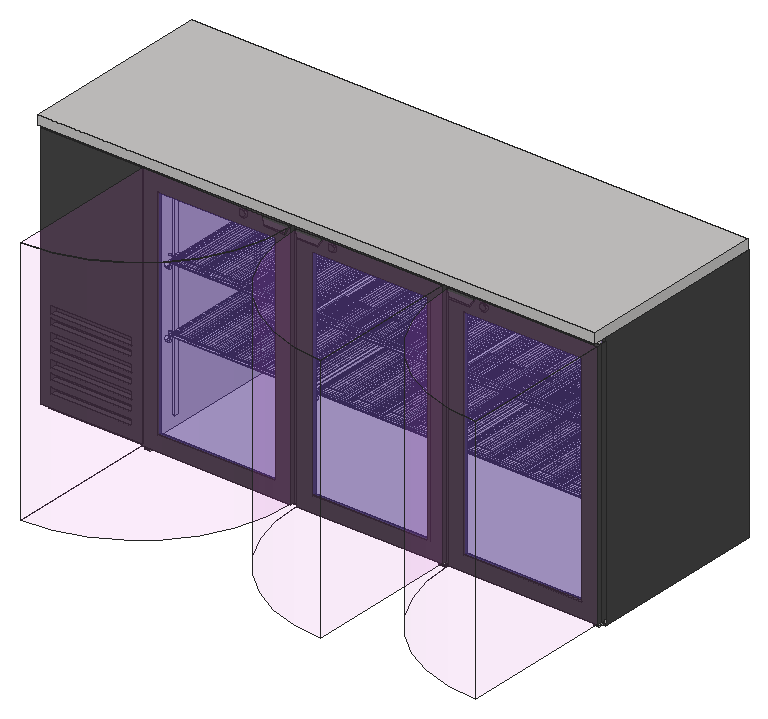
Revit family "QF_True_TBB24-72-3G-Z1-BST-S-1_Glass_Swing_Door_Back_Bar", category Specialty Equipment, Revit 2021
Family settings
  Round Connector Dimension = Use Diameter
  Part Type = Normal
  Work Plane-Based = No
  Always vertical = Yes
  Cut with Voids When Loaded = No
  Shared = No
  Room Calculation Point = No
Parameters
  Weight in Pounds = 415
  Watts = Volts * FL Amps  # 368 W
  Volts = 115 V
  URL Cutsheet = ""
  Specification by User = ""
  Specification by Manufacturer = ""
  Show Seismic Flanged [instance] = yes
  Show Door Clearance [instance] = yes
  Show Default [instance] = if(or([Show 2" Casters], [Show 3" Casters]), or(or([Show 4" Casters], [Show 5" Casters], [Show 6" Legs]), and([Show 2" Casters], [Show 3" Casters]), and([Show 3" Casters], Show Seismic Flanged)), if(or([Show 4" Casters], [Show 5" Casters]), or(or([Show 6" Legs], Show Seismic Flanged), and([Show 4" Casters], [Show 5" Casters])), if([Show 6" Legs], Show Seismic Flanged, not(Show Seismic Flanged))))  # yes
  Show 6" Legs [instance] = yes
  Show 5" Casters [instance] = yes
  Show 4" Casters [instance] = yes
  Show 3" Casters [instance] = yes
  Show 2" Casters [instance] = yes
  Serial Number = ""
  Seismic Rating = ""
  SMACNA No = ""
  Revision Code = ""
  Phase = 1
  Number of Poles = 1
  NAFEM Spec ID Number = ""
  Model = "TBB24-72-3G-Z1-BST-S-1"
  Min Ckt Ampacity = 0 A
  Max Overcurrent Protection = 0 A
  Masterspec = ""
  Manufacturer = "True"
  Length = 72 1/32"
  Item Number = ""
  Installed By = ""
  Identify Quantity as Lot = yes
  Height [instance] = Base Height + Body Height  # 34 3/16"
  HP = "1/4"
  Furnished By = ""
  Foodservice Equipment Identifier = yes
  FL Amps = 3.2 A
  Electrical Remarks = ""
  Electric Connection Type = ""
  Elec Conn RI Height = 0"
  Elec Conn Connection Height = 0"
  Door Finish [instance] = QF_Metallic_Paint_Black_Smooth
  Description = "Glass Swing Door Back Bar 24\" Depth Single Zone Cooler with Stainless Finished Top and Black Exterior"
  Depth = 25 11/32"
  Default Elevation = 0"
  Cycle = 60 Hz
  Counter Top Finish [instance] = QF_Metal_Stainless_Polished
  Conn Plug = "NEMA 5-15P"
  Conn Conduit = yes
  CSI MasterFormat = ""
  Body Height [instance] = 34 3/16"
  Body Finish [instance] = QF_Metallic_Paint_Black_Smooth
  Base Height [instance] = if(Show Default, 0", if([Show 2" Casters], 2", if([Show 3" Casters], 3", if([Show 4" Casters], 4", if([Show 5" Casters], 5", if([Show 6" Legs], 6", if(Show Seismic Flanged, 6", 0")))))))  # 0"
  Apparent Power = 0 VA
Reference planes (in)
  plane 1 "BACK": y = 0
  plane 2: z = 0
  plane 3 "LEFT": x = 0
  plane 4 "RIGHT": x = 72.03125
  plane 5 "FRONT": y = -25.34375
  plane 6 "TOP": z = 34.1875
  plane 7 "Center Y": x = 36.01563
  plane 8 "Center X": y = -12.67188
  plane 9: z = 0
Dimensions and locks (in)
  equal spacing: plane 3 "LEFT", plane 7 "Center Y", plane 4 "RIGHT"
  "Length": plane 3 "LEFT" to plane 4 "RIGHT"
  equal spacing: plane 5 "FRONT", plane 8 "Center X", plane 1 "BACK"
  "Depth": plane 5 "FRONT" to plane 1 "BACK"
  plane 6 "TOP" to level = 34 3/16"
  "Base Height": plane 9 to level
  "Body Height": plane 6 "TOP" to plane 9
  aligned and locked: level to plane 2
  aligned and locked: nested 1 to plane 9
Nested families (in)
  nested 1: "TBB24-72-3G-Z1-BST-B-1" at (0, 0, 0), Show Door Clearance <- "Show Door Clearance", Body Finish <- "Body Finish", Counter Top Finishes <- "Counter Top Finish", Door Finish <- "Door Finish", type "TBB24-72-3G-Z1-BST-B-1"
    with Show Door Clearance yes, Door Finish QF_Metallic_Paint_Black_Smooth, Counter Top Finishes QF_Metal_Stainless_Polished, Body Finish QF_Metallic_Paint_Black_Smooth
  nested 2: "Family3" at (2.5, -20.84523, 0), Show 2" Casters <- "Show 2" Casters", Show 3" Casters <- "Show 3" Casters", Show 4" Casters <- "Show 4" Casters", Show 5" Casters <- "Show 5" Casters", Show 6" Legs <- "Show 6" Legs", Show Seismic Flanged <- "Show Seismic Flanged", type "Family3"
    with Show Seismic Flanged yes, Show 6" Legs yes, Show 5" Casters yes, Show 4" Casters yes, Show 3" Casters yes, Show 2" Casters yes
  nested 3: "Family3" at (69.53125, -20.84523, 0), Show 2" Casters <- "Show 2" Casters", Show 3" Casters <- "Show 3" Casters", Show 4" Casters <- "Show 4" Casters", Show 5" Casters <- "Show 5" Casters", Show 6" Legs <- "Show 6" Legs", Show Seismic Flanged <- "Show Seismic Flanged", type "Family3"
    with Show Seismic Flanged yes, Show 6" Legs yes, Show 5" Casters yes, Show 4" Casters yes, Show 3" Casters yes, Show 2" Casters yes
  nested 4: "Family3" at (2.5, -3.09523, 0), Show 2" Casters <- "Show 2" Casters", Show 3" Casters <- "Show 3" Casters", Show 4" Casters <- "Show 4" Casters", Show 5" Casters <- "Show 5" Casters", Show 6" Legs <- "Show 6" Legs", Show Seismic Flanged <- "Show Seismic Flanged", type "Family3"
    with Show Seismic Flanged yes, Show 6" Legs yes, Show 5" Casters yes, Show 4" Casters yes, Show 3" Casters yes, Show 2" Casters yes
  nested 5: "Family3" at (69.53125, -3.09523, 0), Show 2" Casters <- "Show 2" Casters", Show 3" Casters <- "Show 3" Casters", Show 4" Casters <- "Show 4" Casters", Show 5" Casters <- "Show 5" Casters", Show 6" Legs <- "Show 6" Legs", Show Seismic Flanged <- "Show Seismic Flanged", type "Family3"
    with Show Seismic Flanged yes, Show 6" Legs yes, Show 5" Casters yes, Show 4" Casters yes, Show 3" Casters yes, Show 2" Casters yes
Connectors (in)
  electrical at (5.92159, 0.23047, 18.89834), driven by "Volts", driven by "Watts"
    settings: on nested 1, index 1, voltage 115 V, apparent load 368 VA, apparent load phase1 0 VA, apparent load phase2 0 VA, apparent load phase3 0 VA, power factor 1, load classification "Other", number of poles 1, system type 30, power factor state 1, is connector primary yes, connector utility no, sub classification motor no, connector description "ELECTRICAL CONNECTION"
Definition of nested family "TBB24-72-3G-Z1-BST-B-1"
  Parameters (values of type "TBB24-72-3G-Z1-BST-B-1")
    Weight in Pounds = 0
    URL Cutsheet = ""
    Specification by User = ""
    Specification by Manufacturer = ""
    Show Door Clearance [instance] = yes
    Serial Number = ""
    Seismic Rating = ""
    SMACNA No = ""
    Revision Code = ""
    NAFEM Spec ID Number = ""
    Masterspec = ""
    Length = 72 1/32"
    Item Number = ""
    Installed By = ""
    Identify Quantity as Lot = yes
    Height = 34 23/32"
    Furnished By = ""
    Foodservice Equipment Identifier = yes
    Door Finish [instance] = none
    Depth = 25 11/32"
    Default Elevation = 0"
    Counter Top Finishes [instance] = none
    CSI MasterFormat = ""
    Body Finish [instance] = none
  Reference planes (in)
    plane 1 "BACK": y = 0
    plane 2: z = 0
    plane 3 "LEFT": x = 0
    plane 4 "RIGHT": x = 72.03125
    plane 5 "FRONT": y = -25.34375
    plane 6 "TOP": z = 34.71875
    plane 7 "Center Y": x = 36.01563
    plane 8 "Center X": y = -12.67188
    plane 9: y = -44.09375
    plane 10: y = -24.875
    plane 11: z = 0.28263
    plane 12: x = 13.15625
    plane 13: x = 52.40625
    plane 14: y = -21.84523
    plane 15: y = -21.84523
    plane 16: y = -21.84523
    plane 17: y = -21.84523
    plane 18: y = -21.84523
    plane 19: y = -21.84523
    plane 20: y = -21.84523
    plane 21: y = -21.84523
    plane 22: y = -21.84523
    plane 23: y = -21.84523
    plane 24: y = -21.84523
    plane 25: y = -21.84523
    plane 26: y = -21.84523
    plane 27: y = -21.84523
    plane 28: y = -21.84523
    plane 29: y = -21.84523
    plane 30: y = -21.84523
    plane 31: y = -21.84523
    plane 32: y = -21.84523
    plane 33: y = -21.84523
    plane 34: y = -21.84523
    plane 35: y = -21.84523
    plane 36: y = -21.84523
    plane 37: y = -21.84523
    plane 38: y = -21.84523
    plane 39: y = -21.84523
    plane 40: y = -21.84523
    plane 41: y = -21.84523
    plane 42: y = -21.84523
    plane 43: y = -21.84523
    plane 44: y = -21.84523
    plane 45: y = -21.84523
    plane 46: y = -21.84523
    plane 47: y = -21.84523
    plane 48: y = -21.84523
    plane 49: y = -21.84523
    plane 50: y = -21.84523
    plane 51: y = -21.84523
    plane 52: y = -21.84523
    plane 53: y = -21.84523
    plane 54: y = -21.84523
    plane 55: y = -21.84523
    plane 56: y = -21.84523
    plane 57: y = -21.84523
    plane 58: y = -21.84523
    plane 59: y = -21.84523
    plane 60: y = -21.84523
    plane 61: y = -21.84523
    plane 62: y = -21.84523
    plane 63: y = -21.84523
    plane 64: y = -24.3696
  Forms (in)
    Extrusion 1, solid, material <- "Counter Top Finishes"
      sketch origin (0, 0, 0) x (1, 0, 0) y (0, 0, 1)
        loop
          line (0, 34.71875) -> (0, 33.46875) -> (72.03125, 33.46875) -> (72.03125, 34.71875) -> (0, 34.71875)
      from 0 to 24.875
    Extrusion 2, solid, material <- "Body Finish"
      sketch origin (0, 0, 0) x (0, 1, 0) y (0, 0, 1)
        loop
          line (0, 33.46875) -> (-23.09422, 33.46875) -> (-23.09422, 0) -> (0, 0) -> (0, 33.46875)
      from 0 to 72.03125
    Extrusion 3, solid, material <- "Body Finish"
      sketch origin (0, -23.09422, 33.46875) x (0, 0, -1) y (1, 0, 0)
        loop
          line (0.5625, 0) -> (32.48883, 0) -> (32.48883, 13.15625) -> (0.5625, 13.15625) -> (0.5625, 0)
      from 0 to 1.27538
    Extrusion 4, void
      sketch origin (0, -24.3696, 33.46875) x (0, 0, 1) y (1, 0, 0)
        loop
          line (-20.59422, 1.27626) -> (-20.59422, 11.8296) -> (-21.59422, 11.8296) -> (-21.59422, 1.27626) -> (-20.59422, 1.27626)
        loop
          line (-22.0483, 1.27626) -> (-22.0483, 11.8296) -> (-22.87544, 11.8296) -> (-22.87544, 1.27626) -> (-22.0483, 1.27626)
        loop
          line (-23.71922, 1.27626) -> (-23.71922, 11.8296) -> (-24.71922, 11.8296) -> (-24.71922, 1.27626) -> (-23.71922, 1.27626)
        loop
          line (-25.2983, 1.27626) -> (-25.2983, 11.8296) -> (-26.12544, 11.8296) -> (-26.12544, 1.27626) -> (-25.2983, 1.27626)
        loop
          line (-26.84422, 1.27626) -> (-26.84422, 11.8296) -> (-27.84422, 11.8296) -> (-27.84422, 1.27626) -> (-26.84422, 1.27626)
        loop
          line (-28.4233, 1.27626) -> (-28.4233, 11.8296) -> (-29.25044, 11.8296) -> (-29.25044, 1.27626) -> (-28.4233, 1.27626)
        loop
          line (-30.0483, 1.27626) -> (-30.0483, 11.8296) -> (-30.87544, 11.8296) -> (-30.87544, 1.27626) -> (-30.0483, 1.27626)
      from 0 to 0.83594
    Extrusion 5, solid, material <- "Body Finish"
      sketch origin (0, 0, 0) x (0, 0, 1) y (1, 0, 0)
        loop
          arc (20.62838, 11.27264) -> (20.40871, 11.80298) -> (19.87838, 12.02264) r 0.75
          line (19.87838, 12.02264) -> (1.3125, 12.02264)
          arc (1.3125, 12.02264) -> (0.78217, 11.80298) -> (0.5625, 11.27264) r 0.75
          line (0.5625, 11.27264) -> (0.5625, 0.75)
          arc (0.5625, 0.75) -> (0.78217, 0.21967) -> (1.3125, 0) r 0.75
          line (1.3125, 0) -> (19.87838, 0)
          arc (19.87838, 0) -> (20.40871, 0.21967) -> (20.62838, 0.75) r 0.75
          line (20.62838, 0.75) -> (20.62838, 5.19897) -> (21.06934, 5.19897)
          arc (21.06934, 5.19897) -> (21.81934, 5.94897) -> (21.06934, 6.69897) r 0.75
          line (21.06934, 6.69897) -> (20.62838, 6.69897) -> (20.62838, 11.27264)
      from 0 to 0.03125
    Extrusion 6, solid, material <- "Body Finish"
      sketch origin (0, 0.03125, 0) x (0, 0, 1) y (1, 0, 0)
        loop
          line (21.56934, 5.94897) -> (21.31934, 6.38198) -> (20.81934, 6.38198) -> (20.56934, 5.94897) -> (20.81934, 5.51596) -> (21.31934, 5.51596) -> (21.56934, 5.94897)
      from 0 to 0.19922
    Extrusion 7, solid, material <- "Body Finish"
      sketch origin (0, 0.03125, 0) x (0, 0, 1) y (1, 0, 0)
        loop
          circle (18.89834, 5.92159) r 0.5
      from 0 to 0.19922
    Extrusion 8, solid, material <- "Door Finish"
      sketch origin (0.80334, -23.09422, 33.46875) x (0, 0, -1) y (1, 0, 0)
        loop
          line (0.5625, 12.35291) -> (32.78125, 12.35291) -> (32.78125, 31.97791) -> (0.5625, 31.97791) -> (0.5625, 12.35291)
        loop
          line (31.78125, 13.35291) -> (31.78125, 30.97791) -> (1.5625, 30.97791) -> (1.5625, 13.35291) -> (31.78125, 13.35291)
      from 0 to 0.80663
    Extrusion 9, solid, material <- "Door Finish"
      sketch origin (40.05334, -23.09422, 33.46875) x (0, 0, -1) y (1, 0, 0)
        loop
          line (0.5625, 12.35496) -> (32.78125, 12.35496) -> (32.78125, 31.97791) -> (0.5625, 31.97791) -> (0.5625, 12.35496)
        loop
          line (31.78125, 13.79041) -> (31.78125, 30.97791) -> (1.5625, 30.97791) -> (1.5625, 13.79041) -> (31.78125, 13.79041)
      from 0 to 0.80663
    Extrusion 10, void
      sketch origin (0, -23.09422, 1.53125) x (1, 0, 0) y (0, -1, 0)
        loop
          line (14.13672, -18.75) -> (70.51172, -18.75) -> (70.51172, 0) -> (14.13672, 0) -> (14.13672, -18.75)
      from 0 to -30.84375
    Extrusion 11, solid, material <- "Door Finish"
      sketch origin (0.80334, -23.90085, 33.46875) x (0, 0, -1) y (1, 0, 0)
        loop
          line (0.5625, 12.35291) -> (32.78125, 12.35291) -> (32.78125, 31.60291) -> (0.5625, 31.60291) -> (0.5625, 12.35291)
        loop
          line (2.5625, 29.60291) -> (2.5625, 14.35291) -> (30.78125, 14.35291) -> (30.78125, 29.60291) -> (2.5625, 29.60291)
      from 0 to 0.46875
    Blend 12, solid, material <- "Door Finish"
      base sketch origin (0.80334, -24.3696, 33.46875) x (0, 0, -1) y (1, 0, 0)
        loop
          circle (1.15564, 25.41355) r 0.5
      top sketch origin (0.80334, -24.3696, 33.46875) x (0, 0, -1) y (1, 0, 0)
        loop
          circle (1.15564, 25.41355) r 0.39938
      from 0 to 0.12886
    Blend 13, solid, material <- "Door Finish"
      base sketch origin (83.50916, -24.3696, 33.46875) x (0, 0, -1) y (1, 0, 0)
        loop
          circle (1.15564, -26.16355) r 0.5
      top sketch origin (83.50916, -24.3696, 33.46875) x (0, 0, -1) y (1, 0, 0)
        loop
          circle (1.15564, -26.16355) r 0.39938
      from 0 to 0.12886
    Extrusion 14, solid
      sketch origin (-1.45011, -180, 0.28263) x (-1, 0, 0) y (0, -1, 0)
        loop
          line (-14.60636, -156.90578) -> (-14.60636, -156.03078)
          arc (-14.60636, -156.03078) -> (-14.64297, -155.9424) -> (-14.73136, -155.90578) r 0.125
          line (-14.73136, -155.90578) -> (-15.30008, -155.90578)
          arc (-15.30008, -155.90578) -> (-15.37178, -155.92839) -> (-15.41755, -155.98803) r 0.125
          line (-15.41755, -155.98803) -> (-15.69052, -156.73803)
          arc (-15.69052, -156.73803) -> (-15.67546, -156.85248) -> (-15.57306, -156.90578) r 0.125
          line (-15.57306, -156.90578) -> (-14.60636, -156.90578)
        loop
          line (-53.52038, -156.90578) -> (-52.55368, -156.90578)
          arc (-52.55368, -156.90578) -> (-52.45129, -156.85248) -> (-52.43622, -156.73803) r 0.125
          line (-52.43622, -156.73803) -> (-52.7092, -155.98803)
          arc (-52.7092, -155.98803) -> (-52.75496, -155.92839) -> (-52.82666, -155.90578) r 0.125
          line (-52.82666, -155.90578) -> (-53.39538, -155.90578)
          arc (-53.39538, -155.90578) -> (-53.48377, -155.9424) -> (-53.52038, -156.03078) r 0.125
          line (-53.52038, -156.03078) -> (-53.52038, -156.90578)
        loop
          line (-73.48136, -156.90578) -> (-72.51466, -156.90578)
          arc (-72.51466, -156.90578) -> (-72.41226, -156.85248) -> (-72.3972, -156.73803) r 0.125
          line (-72.3972, -156.73803) -> (-72.67017, -155.98803)
          arc (-72.67017, -155.98803) -> (-72.71594, -155.92839) -> (-72.78764, -155.90578) r 0.125
          line (-72.78764, -155.90578) -> (-73.35636, -155.90578)
          arc (-73.35636, -155.90578) -> (-73.44475, -155.9424) -> (-73.48136, -156.03078) r 0.125
          line (-73.48136, -156.03078) -> (-73.48136, -156.90578)
      from 0 to 0.07705
    Extrusion 15, solid
      sketch origin (0, -23.09422, 33.46875) x (0, 0, -1) y (1, 0, 0)
        loop
          line (33.18612, 13.15625) -> (33.18612, 14.24795) -> (32.78125, 14.24795) -> (32.78125, 13.15625) -> (33.18612, 13.15625)
        loop
          line (33.18612, 51.31455) -> (33.18612, 52.40625) -> (32.78125, 52.40625) -> (32.78125, 51.31455) -> (33.18612, 51.31455)
        loop
          line (33.18612, 70.93955) -> (33.18612, 72.03125) -> (32.78125, 72.03125) -> (32.78125, 70.93955) -> (33.18612, 70.93955)
      from 0 to 0.03214
    Extrusion 16, solid
      sketch origin (-1.45011, -180, 0.35968) x (-1, 0, 0) y (0, -1, 0)
        loop
          circle (-15.01572, -156.38971) r 0.25
        loop
          circle (-53.11102, -156.38971) r 0.25
        loop
          circle (-73.04647, -156.38971) r 0.25
      from 0 to 0.32782
    Extrusion 17, solid
      sketch origin (71.71875, 0, 33.46875) x (0, 1, 0) y (1, 0, 0)
        loop
          circle (-23.61029, -58.15314) r 0.25
        loop
          circle (-23.61029, -20.05784) r 0.25
        loop
          circle (-23.61029, -0.12239) r 0.25
      from 0 to 0.5625
    Extrusion 18, solid
      sketch origin (14.15625, -5.34422, 1.71962) x (0, 1, 0) y (0, 0, 1)
        loop
          line (-15.50101, 28.99913) -> (-15.50101, 1.46788) -> (-15.00101, 1.46788) -> (-15.00101, 28.99913) -> (-15.50101, 28.99913)
        loop
          line (-2.25101, 28.99913) -> (-2.25101, 1.46788) -> (-1.75101, 1.46788) -> (-1.75101, 28.99913) -> (-2.25101, 28.99913)
      from 0 to 0.38124
    Extrusion 19, solid
      sketch origin (14.15625, -4.34422, 1.71962) x (1, 0, 0) y (0, 0, 1)
        loop
          line (17.3189, 28.99913) -> (17.3189, 1.46788) -> (17.8189, 1.46788) -> (17.8189, 28.99913) -> (17.3189, 28.99913)
        loop
          line (1.3189, 28.99913) -> (1.3189, 1.46788) -> (1.8189, 1.46788) -> (1.8189, 28.99913) -> (1.3189, 28.99913)
        loop
          line (36.48437, 28.99913) -> (36.48437, 1.46788) -> (36.98437, 1.46788) -> (36.98437, 28.99913) -> (36.48437, 28.99913)
        loop
          line (19.9311, 28.99913) -> (19.4311, 28.99913) -> (19.4311, 1.46788) -> (19.9311, 1.46788) -> (19.9311, 28.99913)
        loop
          line (40.01563, 28.99913) -> (39.51563, 28.99913) -> (39.51563, 1.46788) -> (40.01563, 1.46788) -> (40.01563, 28.99913)
        loop
          line (55.01563, 28.99913) -> (54.51563, 28.99913) -> (54.51563, 1.46788) -> (55.01563, 1.46788) -> (55.01563, 28.99913)
      from 0 to 0.38281
    Sweep 20, solid
      path origin (-5.14658, -182.67731, 21.66353) x (-1, 0, 0) y (0, -1, 0)
        loop
          line (-19.93408, -160.83208) -> (-37.27783, -160.83208)
          arc (-37.27783, -160.83208) -> (-37.63138, -160.97853) -> (-37.77783, -161.33208) r 0.5
          line (-37.77783, -161.33208) -> (-37.77783, -177.20028)
          arc (-37.77783, -177.20028) -> (-37.63138, -177.55383) -> (-37.27783, -177.70028) r 0.5
          line (-37.27783, -177.70028) -> (-20.43408, -177.70028)
          arc (-20.43408, -177.70028) -> (-20.08052, -177.55383) -> (-19.93408, -177.20028) r 0.5
          line (-19.93408, -177.20028) -> (-19.93408, -160.33208)
          arc (-19.93408, -160.33208) -> (-20.08052, -159.97853) -> (-20.43408, -159.83208) r 0.5
          line (-20.43408, -159.83208) -> (-20.68408, -159.83208)
      profile origin (14.7875, -13.91113, 21.66353) x (1, 0, 0) y (0, 0, 1)
        loop
          circle (0, -0.10817) r 0.14183
    Extrusion 21, solid
      sketch origin (14.15625, -20.84523, 3.1875) x (0, 0, 1) y (-1, 0, 0)
        loop
          line (18.75728, -0.82407) -> (18.75728, -0.38124) -> (18.17613, -0.38124) -> (18.61896, -0.82407) -> (18.75728, -0.82407)
        loop
          line (18.75728, -55.5314) -> (18.61896, -55.5314) -> (18.17613, -55.97423) -> (18.75728, -55.97423) -> (18.75728, -55.5314)
      from 0 to -0.5
    Extrusion 22, solid
      sketch origin (14.15625, -7.59523, 3.1875) x (0, 0, 1) y (-1, 0, 0)
        loop
          line (18.75728, -0.82407) -> (18.75728, -0.38124) -> (18.17613, -0.38124) -> (18.61896, -0.82407) -> (18.75728, -0.82407)
        loop
          line (18.75728, -55.5314) -> (18.61896, -55.5314) -> (18.17613, -55.97423) -> (18.75728, -55.97423) -> (18.75728, -55.5314)
      from 0 to -0.5
    Extrusion 23, solid
      sketch origin (31.47515, -4.34422, 3.1875) x (0, 0, 1) y (0, 1, 0)
        loop
          line (18.75728, -0.82564) -> (18.75728, -0.38281) -> (18.17613, -0.38281) -> (18.61896, -0.82564) -> (18.75728, -0.82564)
      from 0 to -0.5
    Extrusion 24, solid
      sketch origin (15.47515, -4.34422, 3.1875) x (0, 0, 1) y (0, 1, 0)
        loop
          line (18.75728, -0.82564) -> (18.75728, -0.38281) -> (18.17613, -0.38281) -> (18.61896, -0.82564) -> (18.75728, -0.82564)
      from 0 to -0.5
    Extrusion 25, solid
      sketch origin (69.17188, -4.34422, 29.12947) x (0, 0, 1) y (0, -1, 0)
        loop
          line (-7.18469, 0.82564) -> (-7.32301, 0.82564) -> (-7.76583, 0.38281) -> (-7.18469, 0.38281) -> (-7.18469, 0.82564)
      from 0 to -0.5
    Extrusion 26, solid
      sketch origin (54.17188, -4.34422, 29.12947) x (0, 0, 1) y (0, -1, 0)
        loop
          line (-7.18469, 0.82564) -> (-7.32301, 0.82564) -> (-7.76583, 0.38281) -> (-7.18469, 0.38281) -> (-7.18469, 0.82564)
      from 0 to -0.5
    Extrusion 27, solid
      sketch origin (14.15625, -20.84523, -5.3125) x (0, 0, 1) y (-1, 0, 0)
        loop
          line (18.22603, -0.82407) -> (18.22603, -0.38124) -> (17.64488, -0.38124) -> (18.08771, -0.82407) -> (18.22603, -0.82407)
        loop
          line (18.22603, -55.5314) -> (18.08771, -55.5314) -> (17.64488, -55.97423) -> (18.22603, -55.97423) -> (18.22603, -55.5314)
      from 0 to -0.5
    Extrusion 28, solid
      sketch origin (14.15625, -7.59523, -5.3125) x (0, 0, 1) y (-1, 0, 0)
        loop
          line (18.22603, -0.82407) -> (18.22603, -0.38124) -> (17.64488, -0.38124) -> (18.08771, -0.82407) -> (18.22603, -0.82407)
        loop
          line (18.22603, -55.5314) -> (18.08771, -55.5314) -> (17.64488, -55.97423) -> (18.22603, -55.97423) -> (18.22603, -55.5314)
      from 0 to -0.5
    Extrusion 29, solid
      sketch origin (31.47515, -4.34422, -5.3125) x (0, 0, 1) y (0, 1, 0)
        loop
          line (18.22603, -0.82564) -> (18.22603, -0.38281) -> (17.64488, -0.38281) -> (18.08771, -0.82564) -> (18.22603, -0.82564)
      from 0 to -0.5
    Extrusion 30, solid
      sketch origin (15.47515, -4.34422, -5.3125) x (0, 0, 1) y (0, 1, 0)
        loop
          line (18.22603, -0.82564) -> (18.22603, -0.38281) -> (17.64488, -0.38281) -> (18.08771, -0.82564) -> (18.22603, -0.82564)
      from 0 to -0.5
    Extrusion 31, solid
      sketch origin (69.17188, -4.34422, 20.62947) x (0, 0, 1) y (0, -1, 0)
        loop
          line (-7.71594, 0.82564) -> (-7.85426, 0.82564) -> (-8.29708, 0.38281) -> (-7.71594, 0.38281) -> (-7.71594, 0.82564)
      from 0 to -0.5
    Extrusion 32, solid
      sketch origin (54.17188, -4.34422, 20.62947) x (0, 0, 1) y (0, -1, 0)
        loop
          line (-7.71594, 0.82564) -> (-7.85426, 0.82564) -> (-8.29708, 0.38281) -> (-7.71594, 0.38281) -> (-7.71594, 0.82564)
      from 0 to -0.5
    Sweep 33, solid
      path origin (-5.14658, -182.67731, 13.16353) x (-1, 0, 0) y (0, -1, 0)
        loop
          line (-19.93408, -160.83208) -> (-37.27783, -160.83208)
          arc (-37.27783, -160.83208) -> (-37.63138, -160.97853) -> (-37.77783, -161.33208) r 0.5
          line (-37.77783, -161.33208) -> (-37.77783, -177.20028)
          arc (-37.77783, -177.20028) -> (-37.63138, -177.55383) -> (-37.27783, -177.70028) r 0.5
          line (-37.27783, -177.70028) -> (-20.43408, -177.70028)
          arc (-20.43408, -177.70028) -> (-20.08052, -177.55383) -> (-19.93408, -177.20028) r 0.5
          line (-19.93408, -177.20028) -> (-19.93408, -160.33208)
          arc (-19.93408, -160.33208) -> (-20.08052, -159.97853) -> (-20.43408, -159.83208) r 0.5
          line (-20.43408, -159.83208) -> (-20.68408, -159.83208)
      profile origin (14.7875, -13.91113, 13.16353) x (1, 0, 0) y (0, 0, 1)
        loop
          circle (0, -0.10817) r 0.14183
    Extrusion 34, solid
      sketch origin (14.7875, -180.67756, 21.69719) x (0, 0, 1) y (0, -1, 0)
        loop
          circle (0.6482, -158.83233) r 0.05462
      from -0.25 to 17.83516
    Extrusion 35, solid
      sketch origin (14.7875, -180.67756, 13.19719) x (0, 0, 1) y (0, -1, 0)
        loop
          circle (0.11695, -158.83233) r 0.05462
      from -0.25 to 17.83516
    Extrusion 36, solid
      sketch origin (69.91954, -180.67756, 21.69719) x (0, 0, 1) y (0, 1, 0)
        loop
          circle (0.6482, 158.83233) r 0.05462
      from -0.21094 to 17.63204
    Extrusion 37, solid
      sketch origin (69.91954, -180.67756, 13.19719) x (0, 0, 1) y (0, 1, 0)
        loop
          circle (0.11695, 158.83233) r 0.05462
      from -0.21094 to 17.63204
    Extrusion 38, solid
      sketch origin (51.14062, -4.34422, 29.12947) x (0, 0, 1) y (0, -1, 0)
        loop
          line (-7.18469, 0.82564) -> (-7.32301, 0.82564) -> (-7.76583, 0.38281) -> (-7.18469, 0.38281) -> (-7.18469, 0.82564)
      from 0 to -0.5
    Extrusion 39, solid
      sketch origin (34.08735, -4.34422, 29.12947) x (0, 0, 1) y (0, -1, 0)
        loop
          line (-7.18469, 0.82564) -> (-7.32301, 0.82564) -> (-7.76583, 0.38281) -> (-7.18469, 0.38281) -> (-7.18469, 0.82564)
      from 0 to -0.5
    Extrusion 40, solid
      sketch origin (51.14062, -4.34422, 20.62947) x (0, 0, 1) y (0, -1, 0)
        loop
          line (-7.71594, 0.82564) -> (-7.85426, 0.82564) -> (-8.29708, 0.38281) -> (-7.71594, 0.38281) -> (-7.71594, 0.82564)
      from 0 to -0.5
    Extrusion 41, solid
      sketch origin (34.08735, -4.34422, 20.62947) x (0, 0, 1) y (0, -1, 0)
        loop
          line (-7.71594, 0.82564) -> (-7.85426, 0.82564) -> (-8.29708, 0.38281) -> (-7.71594, 0.38281) -> (-7.71594, 0.82564)
      from 0 to -0.5
    Sweep 42, solid
      path origin (13.60342, -182.67731, 21.66353) x (-1, 0, 0) y (0, -1, 0)
        loop
          line (-19.93408, -160.83208) -> (-37.27783, -160.83208)
          arc (-37.27783, -160.83208) -> (-37.63138, -160.97853) -> (-37.77783, -161.33208) r 0.5
          line (-37.77783, -161.33208) -> (-37.77783, -177.20028)
          arc (-37.77783, -177.20028) -> (-37.63138, -177.55383) -> (-37.27783, -177.70028) r 0.5
          line (-37.27783, -177.70028) -> (-20.43408, -177.70028)
          arc (-20.43408, -177.70028) -> (-20.08052, -177.55383) -> (-19.93408, -177.20028) r 0.5
          line (-19.93408, -177.20028) -> (-19.93408, -160.33208)
          arc (-19.93408, -160.33208) -> (-20.08052, -159.97853) -> (-20.43408, -159.83208) r 0.5
          line (-20.43408, -159.83208) -> (-20.93408, -159.83208)
      profile origin (33.5375, -13.91113, 21.66353) x (1, 0, 0) y (0, 0, 1)
        loop
          circle (0, -0.10817) r 0.14183
    Sweep 43, solid
      path origin (13.60342, -182.67731, 13.16353) x (-1, 0, 0) y (0, -1, 0)
        loop
          line (-19.93408, -160.83208) -> (-37.27783, -160.83208)
          arc (-37.27783, -160.83208) -> (-37.63138, -160.97853) -> (-37.77783, -161.33208) r 0.5
          line (-37.77783, -161.33208) -> (-37.77783, -177.20028)
          arc (-37.77783, -177.20028) -> (-37.63138, -177.55383) -> (-37.27783, -177.70028) r 0.5
          line (-37.27783, -177.70028) -> (-20.43408, -177.70028)
          arc (-20.43408, -177.70028) -> (-20.08052, -177.55383) -> (-19.93408, -177.20028) r 0.5
          line (-19.93408, -177.20028) -> (-19.93408, -160.33208)
          arc (-19.93408, -160.33208) -> (-20.08052, -159.97853) -> (-20.43408, -159.83208) r 0.5
          line (-20.43408, -159.83208) -> (-20.93408, -159.83208)
      profile origin (33.5375, -13.91113, 13.16353) x (1, 0, 0) y (0, 0, 1)
        loop
          circle (0, -0.10817) r 0.14183
    Sweep 44, solid
      path origin (32.35342, -182.67731, 21.66353) x (-1, 0, 0) y (0, -1, 0)
        loop
          line (-19.93408, -160.83208) -> (-37.27783, -160.83208)
          arc (-37.27783, -160.83208) -> (-37.63138, -160.97853) -> (-37.77783, -161.33208) r 0.5
          line (-37.77783, -161.33208) -> (-37.77783, -177.20028)
          arc (-37.77783, -177.20028) -> (-37.63138, -177.55383) -> (-37.27783, -177.70028) r 0.5
          line (-37.27783, -177.70028) -> (-20.43408, -177.70028)
          arc (-20.43408, -177.70028) -> (-20.08052, -177.55383) -> (-19.93408, -177.20028) r 0.5
          line (-19.93408, -177.20028) -> (-19.93408, -160.33208)
          arc (-19.93408, -160.33208) -> (-20.08052, -159.97853) -> (-20.43408, -159.83208) r 0.5
          line (-20.43408, -159.83208) -> (-20.68408, -159.83208)
      profile origin (52.2875, -13.91113, 21.66353) x (1, 0, 0) y (0, 0, 1)
        loop
          circle (0, -0.10817) r 0.14183
    Sweep 45, solid
      path origin (32.35342, -182.67731, 13.16353) x (-1, 0, 0) y (0, -1, 0)
        loop
          line (-19.93408, -160.83208) -> (-37.27783, -160.83208)
          arc (-37.27783, -160.83208) -> (-37.63138, -160.97853) -> (-37.77783, -161.33208) r 0.5
          line (-37.77783, -161.33208) -> (-37.77783, -177.20028)
          arc (-37.77783, -177.20028) -> (-37.63138, -177.55383) -> (-37.27783, -177.70028) r 0.5
          line (-37.27783, -177.70028) -> (-20.43408, -177.70028)
          arc (-20.43408, -177.70028) -> (-20.08052, -177.55383) -> (-19.93408, -177.20028) r 0.5
          line (-19.93408, -177.20028) -> (-19.93408, -160.33208)
          arc (-19.93408, -160.33208) -> (-20.08052, -159.97853) -> (-20.43408, -159.83208) r 0.5
          line (-20.43408, -159.83208) -> (-20.68408, -159.83208)
      profile origin (52.2875, -13.91113, 13.16353) x (1, 0, 0) y (0, 0, 1)
        loop
          circle (0, -0.10817) r 0.14183
    Extrusion 46, solid
      sketch origin (70.13048, -5.34422, 1.71962) x (0, 1, 0) y (0, 0, 1)
        loop
          line (-15.50101, 28.99913) -> (-15.50101, 1.46788) -> (-15.00101, 1.46788) -> (-15.00101, 28.99913) -> (-15.50101, 28.99913)
        loop
          line (-2.25101, 28.99913) -> (-2.25101, 1.46788) -> (-1.75101, 1.46788) -> (-1.75101, 28.99913) -> (-2.25101, 28.99913)
      from 0 to 0.38124
    Extrusion 47, solid
      sketch origin (33.7875, -180.67756, 21.69719) x (0, 0, 1) y (0, -1, 0)
        loop
          circle (0.6482, -158.83233) r 0.05462
      from -0.25 to 17.60313
    Extrusion 48, solid
      sketch origin (33.7875, -180.67756, 13.19719) x (0, 0, 1) y (0, -1, 0)
        loop
          circle (0.11695, -158.83233) r 0.05462
      from -0.25 to 17.59823
    Extrusion 49, solid
      sketch origin (0, 0, 0) x (1, 0, 0) y (0, 0, 1)
        loop
          circle (14.90115, 21.72801) r 0.03267
      from 4.97058 to 21.86282
    Extrusion 50, solid
      sketch origin (17.58335, 0, 0) x (1, 0, 0) y (0, 0, 1)
        loop
          circle (14.90115, 21.72801) r 0.03267
      from 4.97058 to 21.86282
    Extrusion 51, solid
      sketch origin (0.35884, 0, 0) x (1, 0, 0) y (0, 0, 1)
        loop
          circle (14.90115, 21.72801) r 0.03267
      from 4.97058 to 21.86282
    Extrusion 52, solid
      sketch origin (0.71769, 0, 0) x (1, 0, 0) y (0, 0, 1)
        loop
          circle (14.90115, 21.72801) r 0.03267
      from 4.97058 to 21.86282
    Extrusion 53, solid
      sketch origin (1.07653, 0, 0) x (1, 0, 0) y (0, 0, 1)
        loop
          circle (14.90115, 21.72801) r 0.03267
      from 4.97058 to 21.86282
    Extrusion 54, solid
      sketch origin (1.43538, 0, 0) x (1, 0, 0) y (0, 0, 1)
        loop
          circle (14.90115, 21.72801) r 0.03267
      from 4.97058 to 21.86282
    Extrusion 55, solid
      sketch origin (1.79422, 0, 0) x (1, 0, 0) y (0, 0, 1)
        loop
          circle (14.90115, 21.72801) r 0.03267
      from 4.97058 to 21.86282
    Extrusion 56, solid
      sketch origin (2.15306, 0, 0) x (1, 0, 0) y (0, 0, 1)
        loop
          circle (14.90115, 21.72801) r 0.03267
      from 4.97058 to 21.86282
    Extrusion 57, solid
      sketch origin (2.51191, 0, 0) x (1, 0, 0) y (0, 0, 1)
        loop
          circle (14.90115, 21.72801) r 0.03267
      from 4.97058 to 21.86282
    Extrusion 58, solid
      sketch origin (2.87075, 0, 0) x (1, 0, 0) y (0, 0, 1)
        loop
          circle (14.90115, 21.72801) r 0.03267
      from 4.97058 to 21.86282
    Extrusion 59, solid
      sketch origin (3.22959, 0, 0) x (1, 0, 0) y (0, 0, 1)
        loop
          circle (14.90115, 21.72801) r 0.03267
      from 4.97058 to 21.86282
    Extrusion 60, solid
      sketch origin (3.58844, 0, 0) x (1, 0, 0) y (0, 0, 1)
        loop
          circle (14.90115, 21.72801) r 0.03267
      from 4.97058 to 21.86282
    Extrusion 61, solid
      sketch origin (3.94728, 0, 0) x (1, 0, 0) y (0, 0, 1)
        loop
          circle (14.90115, 21.72801) r 0.03267
      from 4.97058 to 21.86282
    Extrusion 62, solid
      sketch origin (4.30613, 0, 0) x (1, 0, 0) y (0, 0, 1)
        loop
          circle (14.90115, 21.72801) r 0.03267
      from 4.97058 to 21.86282
    Extrusion 63, solid
      sketch origin (4.66497, 0, 0) x (1, 0, 0) y (0, 0, 1)
        loop
          circle (14.90115, 21.72801) r 0.03267
      from 4.97058 to 21.86282
    Extrusion 64, solid
      sketch origin (5.02381, 0, 0) x (1, 0, 0) y (0, 0, 1)
        loop
          circle (14.90115, 21.72801) r 0.03267
      from 4.97058 to 21.86282
    Extrusion 65, solid
      sketch origin (5.38266, 0, 0) x (1, 0, 0) y (0, 0, 1)
        loop
          circle (14.90115, 21.72801) r 0.03267
      from 4.97058 to 21.86282
    Extrusion 66, solid
      sketch origin (5.7415, 0, 0) x (1, 0, 0) y (0, 0, 1)
        loop
          circle (14.90115, 21.72801) r 0.03267
      from 4.97058 to 21.86282
    Extrusion 67, solid
      sketch origin (6.10035, 0, 0) x (1, 0, 0) y (0, 0, 1)
        loop
          circle (14.90115, 21.72801) r 0.03267
      from 4.97058 to 21.86282
    Extrusion 68, solid
      sketch origin (6.45919, 0, 0) x (1, 0, 0) y (0, 0, 1)
        loop
          circle (14.90115, 21.72801) r 0.03267
      from 4.97058 to 21.86282
    Extrusion 69, solid
      sketch origin (6.81803, 0, 0) x (1, 0, 0) y (0, 0, 1)
        loop
          circle (14.90115, 21.72801) r 0.03267
      from 4.97058 to 21.86282
    Extrusion 70, solid
      sketch origin (7.17688, 0, 0) x (1, 0, 0) y (0, 0, 1)
        loop
          circle (14.90115, 21.72801) r 0.03267
      from 4.97058 to 21.86282
    Extrusion 71, solid
      sketch origin (7.53572, 0, 0) x (1, 0, 0) y (0, 0, 1)
        loop
          circle (14.90115, 21.72801) r 0.03267
      from 4.97058 to 21.86282
    Extrusion 72, solid
      sketch origin (7.89456, 0, 0) x (1, 0, 0) y (0, 0, 1)
        loop
          circle (14.90115, 21.72801) r 0.03267
      from 4.97058 to 21.86282
    Extrusion 73, solid
      sketch origin (8.25341, 0, 0) x (1, 0, 0) y (0, 0, 1)
        loop
          circle (14.90115, 21.72801) r 0.03267
      from 4.97058 to 21.86282
    Extrusion 74, solid
      sketch origin (8.61225, 0, 0) x (1, 0, 0) y (0, 0, 1)
        loop
          circle (14.90115, 21.72801) r 0.03267
      from 4.97058 to 21.86282
    Extrusion 75, solid
      sketch origin (8.9711, 0, 0) x (1, 0, 0) y (0, 0, 1)
        loop
          circle (14.90115, 21.72801) r 0.03267
      from 4.97058 to 21.86282
    Extrusion 76, solid
      sketch origin (9.32994, 0, 0) x (1, 0, 0) y (0, 0, 1)
        loop
          circle (14.90115, 21.72801) r 0.03267
      from 4.97058 to 21.86282
    Extrusion 77, solid
      sketch origin (9.68878, 0, 0) x (1, 0, 0) y (0, 0, 1)
        loop
          circle (14.90115, 21.72801) r 0.03267
      from 4.97058 to 21.86282
    Extrusion 78, solid
      sketch origin (10.04763, 0, 0) x (1, 0, 0) y (0, 0, 1)
        loop
          circle (14.90115, 21.72801) r 0.03267
      from 4.97058 to 21.86282
    Extrusion 79, solid
      sketch origin (10.40647, 0, 0) x (1, 0, 0) y (0, 0, 1)
        loop
          circle (14.90115, 21.72801) r 0.03267
      from 4.97058 to 21.86282
    Extrusion 80, solid
      sketch origin (10.76531, 0, 0) x (1, 0, 0) y (0, 0, 1)
        loop
          circle (14.90115, 21.72801) r 0.03267
      from 4.97058 to 21.86282
    Extrusion 81, solid
      sketch origin (11.12416, 0, 0) x (1, 0, 0) y (0, 0, 1)
        loop
          circle (14.90115, 21.72801) r 0.03267
      from 4.97058 to 21.86282
    Extrusion 82, solid
      sketch origin (11.483, 0, 0) x (1, 0, 0) y (0, 0, 1)
        loop
          circle (14.90115, 21.72801) r 0.03267
      from 4.97058 to 21.86282
    Extrusion 83, solid
      sketch origin (11.84185, 0, 0) x (1, 0, 0) y (0, 0, 1)
        loop
          circle (14.90115, 21.72801) r 0.03267
      from 4.97058 to 21.86282
    Extrusion 84, solid
      sketch origin (12.20069, 0, 0) x (1, 0, 0) y (0, 0, 1)
        loop
          circle (14.90115, 21.72801) r 0.03267
      from 4.97058 to 21.86282
    Extrusion 85, solid
      sketch origin (12.55953, 0, 0) x (1, 0, 0) y (0, 0, 1)
        loop
          circle (14.90115, 21.72801) r 0.03267
      from 4.97058 to 21.86282
    Extrusion 86, solid
      sketch origin (12.91838, 0, 0) x (1, 0, 0) y (0, 0, 1)
        loop
          circle (14.90115, 21.72801) r 0.03267
      from 4.97058 to 21.86282
    Extrusion 87, solid
      sketch origin (13.27722, 0, 0) x (1, 0, 0) y (0, 0, 1)
        loop
          circle (14.90115, 21.72801) r 0.03267
      from 4.97058 to 21.86282
    Extrusion 88, solid
      sketch origin (13.63607, 0, 0) x (1, 0, 0) y (0, 0, 1)
        loop
          circle (14.90115, 21.72801) r 0.03267
      from 4.97058 to 21.86282
    Extrusion 89, solid
      sketch origin (13.99491, 0, 0) x (1, 0, 0) y (0, 0, 1)
        loop
          circle (14.90115, 21.72801) r 0.03267
      from 4.97058 to 21.86282
    Extrusion 90, solid
      sketch origin (14.35375, 0, 0) x (1, 0, 0) y (0, 0, 1)
        loop
          circle (14.90115, 21.72801) r 0.03267
      from 4.97058 to 21.86282
    Extrusion 91, solid
      sketch origin (14.7126, 0, 0) x (1, 0, 0) y (0, 0, 1)
        loop
          circle (14.90115, 21.72801) r 0.03267
      from 4.97058 to 21.86282
    Extrusion 92, solid
      sketch origin (15.07144, 0, 0) x (1, 0, 0) y (0, 0, 1)
        loop
          circle (14.90115, 21.72801) r 0.03267
      from 4.97058 to 21.86282
    Extrusion 93, solid
      sketch origin (15.43028, 0, 0) x (1, 0, 0) y (0, 0, 1)
        loop
          circle (14.90115, 21.72801) r 0.03267
      from 4.97058 to 21.86282
    Extrusion 94, solid
      sketch origin (15.78913, 0, 0) x (1, 0, 0) y (0, 0, 1)
        loop
          circle (14.90115, 21.72801) r 0.03267
      from 4.97058 to 21.86282
    Extrusion 95, solid
      sketch origin (16.14797, 0, 0) x (1, 0, 0) y (0, 0, 1)
        loop
          circle (14.90115, 21.72801) r 0.03267
      from 4.97058 to 21.86282
    Extrusion 96, solid
      sketch origin (16.50682, 0, 0) x (1, 0, 0) y (0, 0, 1)
        loop
          circle (14.90115, 21.72801) r 0.03267
      from 4.97058 to 21.86282
    Extrusion 97, solid
      sketch origin (16.86566, 0, 0) x (1, 0, 0) y (0, 0, 1)
        loop
          circle (14.90115, 21.72801) r 0.03267
      from 4.97058 to 21.86282
    Extrusion 98, solid
      sketch origin (17.2245, 0, 0) x (1, 0, 0) y (0, 0, 1)
        loop
          circle (14.90115, 21.72801) r 0.03267
      from 4.97058 to 21.86282
    Extrusion 99, solid
      sketch origin (0, 0, -8.5) x (1, 0, 0) y (0, 0, 1)
        loop
          circle (14.90115, 21.72801) r 0.03267
      from 4.97058 to 21.84523
    Extrusion 100, solid
      sketch origin (17.58335, 0, -8.5) x (1, 0, 0) y (0, 0, 1)
        loop
          circle (14.90115, 21.72801) r 0.03267
      from 4.97058 to 21.84523
    Extrusion 101, solid
      sketch origin (0.35884, 0, -8.5) x (1, 0, 0) y (0, 0, 1)
        loop
          circle (14.90115, 21.72801) r 0.03267
      from 4.97058 to 21.84523
    Extrusion 102, solid
      sketch origin (0.71769, 0, -8.5) x (1, 0, 0) y (0, 0, 1)
        loop
          circle (14.90115, 21.72801) r 0.03267
      from 4.97058 to 21.84523
    Extrusion 103, solid
      sketch origin (1.07653, 0, -8.5) x (1, 0, 0) y (0, 0, 1)
        loop
          circle (14.90115, 21.72801) r 0.03267
      from 4.97058 to 21.84523
    Extrusion 104, solid
      sketch origin (1.43538, 0, -8.5) x (1, 0, 0) y (0, 0, 1)
        loop
          circle (14.90115, 21.72801) r 0.03267
      from 4.97058 to 21.84523
    Extrusion 105, solid
      sketch origin (1.79422, 0, -8.5) x (1, 0, 0) y (0, 0, 1)
        loop
          circle (14.90115, 21.72801) r 0.03267
      from 4.97058 to 21.84523
    Extrusion 106, solid
      sketch origin (2.15306, 0, -8.5) x (1, 0, 0) y (0, 0, 1)
        loop
          circle (14.90115, 21.72801) r 0.03267
      from 4.97058 to 21.84523
    Extrusion 107, solid
      sketch origin (2.51191, 0, -8.5) x (1, 0, 0) y (0, 0, 1)
        loop
          circle (14.90115, 21.72801) r 0.03267
      from 4.97058 to 21.84523
    Extrusion 108, solid
      sketch origin (2.87075, 0, -8.5) x (1, 0, 0) y (0, 0, 1)
        loop
          circle (14.90115, 21.72801) r 0.03267
      from 4.97058 to 21.84523
    Extrusion 109, solid
      sketch origin (3.22959, 0, -8.5) x (1, 0, 0) y (0, 0, 1)
        loop
          circle (14.90115, 21.72801) r 0.03267
      from 4.97058 to 21.84523
    Extrusion 110, solid
      sketch origin (3.58844, 0, -8.5) x (1, 0, 0) y (0, 0, 1)
        loop
          circle (14.90115, 21.72801) r 0.03267
      from 4.97058 to 21.84523
    Extrusion 111, solid
      sketch origin (3.94728, 0, -8.5) x (1, 0, 0) y (0, 0, 1)
        loop
          circle (14.90115, 21.72801) r 0.03267
      from 4.97058 to 21.84523
    Extrusion 112, solid
      sketch origin (4.30613, 0, -8.5) x (1, 0, 0) y (0, 0, 1)
        loop
          circle (14.90115, 21.72801) r 0.03267
      from 4.97058 to 21.84523
    Extrusion 113, solid
      sketch origin (4.66497, 0, -8.5) x (1, 0, 0) y (0, 0, 1)
        loop
          circle (14.90115, 21.72801) r 0.03267
      from 4.97058 to 21.84523
    Extrusion 114, solid
      sketch origin (5.02381, 0, -8.5) x (1, 0, 0) y (0, 0, 1)
        loop
          circle (14.90115, 21.72801) r 0.03267
      from 4.97058 to 21.84523
    Extrusion 115, solid
      sketch origin (5.38266, 0, -8.5) x (1, 0, 0) y (0, 0, 1)
        loop
          circle (14.90115, 21.72801) r 0.03267
      from 4.97058 to 21.84523
    Extrusion 116, solid
      sketch origin (5.7415, 0, -8.5) x (1, 0, 0) y (0, 0, 1)
        loop
          circle (14.90115, 21.72801) r 0.03267
      from 4.97058 to 21.84523
    Extrusion 117, solid
      sketch origin (6.10035, 0, -8.5) x (1, 0, 0) y (0, 0, 1)
        loop
          circle (14.90115, 21.72801) r 0.03267
      from 4.97058 to 21.84523
    Extrusion 118, solid
      sketch origin (6.45919, 0, -8.5) x (1, 0, 0) y (0, 0, 1)
        loop
          circle (14.90115, 21.72801) r 0.03267
      from 4.97058 to 21.84523
    Extrusion 119, solid
      sketch origin (6.81803, 0, -8.5) x (1, 0, 0) y (0, 0, 1)
        loop
          circle (14.90115, 21.72801) r 0.03267
      from 4.97058 to 21.84523
    Extrusion 120, solid
      sketch origin (7.17688, 0, -8.5) x (1, 0, 0) y (0, 0, 1)
        loop
          circle (14.90115, 21.72801) r 0.03267
      from 4.97058 to 21.84523
    Extrusion 121, solid
      sketch origin (7.53572, 0, -8.5) x (1, 0, 0) y (0, 0, 1)
        loop
          circle (14.90115, 21.72801) r 0.03267
      from 4.97058 to 21.84523
    Extrusion 122, solid
      sketch origin (7.89456, 0, -8.5) x (1, 0, 0) y (0, 0, 1)
        loop
          circle (14.90115, 21.72801) r 0.03267
      from 4.97058 to 21.84523
    Extrusion 123, solid
      sketch origin (8.25341, 0, -8.5) x (1, 0, 0) y (0, 0, 1)
        loop
          circle (14.90115, 21.72801) r 0.03267
      from 4.97058 to 21.84523
    Extrusion 124, solid
      sketch origin (8.61225, 0, -8.5) x (1, 0, 0) y (0, 0, 1)
        loop
          circle (14.90115, 21.72801) r 0.03267
      from 4.97058 to 21.84523
    Extrusion 125, solid
      sketch origin (8.9711, 0, -8.5) x (1, 0, 0) y (0, 0, 1)
        loop
          circle (14.90115, 21.72801) r 0.03267
      from 4.97058 to 21.84523
    Extrusion 126, solid
      sketch origin (9.32994, 0, -8.5) x (1, 0, 0) y (0, 0, 1)
        loop
          circle (14.90115, 21.72801) r 0.03267
      from 4.97058 to 21.84523
    Extrusion 127, solid
      sketch origin (9.68878, 0, -8.5) x (1, 0, 0) y (0, 0, 1)
        loop
          circle (14.90115, 21.72801) r 0.03267
      from 4.97058 to 21.84523
    Extrusion 128, solid
      sketch origin (10.04763, 0, -8.5) x (1, 0, 0) y (0, 0, 1)
        loop
          circle (14.90115, 21.72801) r 0.03267
      from 4.97058 to 21.84523
    Extrusion 129, solid
      sketch origin (10.40647, 0, -8.5) x (1, 0, 0) y (0, 0, 1)
        loop
          circle (14.90115, 21.72801) r 0.03267
      from 4.97058 to 21.84523
    Extrusion 130, solid
      sketch origin (10.76531, 0, -8.5) x (1, 0, 0) y (0, 0, 1)
        loop
          circle (14.90115, 21.72801) r 0.03267
      from 4.97058 to 21.84523
    Extrusion 131, solid
      sketch origin (11.12416, 0, -8.5) x (1, 0, 0) y (0, 0, 1)
        loop
          circle (14.90115, 21.72801) r 0.03267
      from 4.97058 to 21.84523
    Extrusion 132, solid
      sketch origin (11.483, 0, -8.5) x (1, 0, 0) y (0, 0, 1)
        loop
          circle (14.90115, 21.72801) r 0.03267
      from 4.97058 to 21.84523
    Extrusion 133, solid
      sketch origin (11.84185, 0, -8.5) x (1, 0, 0) y (0, 0, 1)
        loop
          circle (14.90115, 21.72801) r 0.03267
      from 4.97058 to 21.84523
    Extrusion 134, solid
      sketch origin (12.20069, 0, -8.5) x (1, 0, 0) y (0, 0, 1)
        loop
          circle (14.90115, 21.72801) r 0.03267
      from 4.97058 to 21.84523
    Extrusion 135, solid
      sketch origin (12.55953, 0, -8.5) x (1, 0, 0) y (0, 0, 1)
        loop
          circle (14.90115, 21.72801) r 0.03267
      from 4.97058 to 21.84523
    Extrusion 136, solid
      sketch origin (12.91838, 0, -8.5) x (1, 0, 0) y (0, 0, 1)
        loop
          circle (14.90115, 21.72801) r 0.03267
      from 4.97058 to 21.84523
    Extrusion 137, solid
      sketch origin (13.27722, 0, -8.5) x (1, 0, 0) y (0, 0, 1)
        loop
          circle (14.90115, 21.72801) r 0.03267
      from 4.97058 to 21.84523
    Extrusion 138, solid
      sketch origin (13.63607, 0, -8.5) x (1, 0, 0) y (0, 0, 1)
        loop
          circle (14.90115, 21.72801) r 0.03267
      from 4.97058 to 21.84523
    Extrusion 139, solid
      sketch origin (13.99491, 0, -8.5) x (1, 0, 0) y (0, 0, 1)
        loop
          circle (14.90115, 21.72801) r 0.03267
      from 4.97058 to 21.84523
    Extrusion 140, solid
      sketch origin (14.35375, 0, -8.5) x (1, 0, 0) y (0, 0, 1)
        loop
          circle (14.90115, 21.72801) r 0.03267
      from 4.97058 to 21.84523
    Extrusion 141, solid
      sketch origin (14.7126, 0, -8.5) x (1, 0, 0) y (0, 0, 1)
        loop
          circle (14.90115, 21.72801) r 0.03267
      from 4.97058 to 21.84523
    Extrusion 142, solid
      sketch origin (15.07144, 0, -8.5) x (1, 0, 0) y (0, 0, 1)
        loop
          circle (14.90115, 21.72801) r 0.03267
      from 4.97058 to 21.84523
    Extrusion 143, solid
      sketch origin (15.43028, 0, -8.5) x (1, 0, 0) y (0, 0, 1)
        loop
          circle (14.90115, 21.72801) r 0.03267
      from 4.97058 to 21.84523
    Extrusion 144, solid
      sketch origin (15.78913, 0, -8.5) x (1, 0, 0) y (0, 0, 1)
        loop
          circle (14.90115, 21.72801) r 0.03267
      from 4.97058 to 21.84523
    Extrusion 145, solid
      sketch origin (16.14797, 0, -8.5) x (1, 0, 0) y (0, 0, 1)
        loop
          circle (14.90115, 21.72801) r 0.03267
      from 4.97058 to 21.84523
    Extrusion 146, solid
      sketch origin (16.50682, 0, -8.5) x (1, 0, 0) y (0, 0, 1)
        loop
          circle (14.90115, 21.72801) r 0.03267
      from 4.97058 to 21.84523
    Extrusion 147, solid
      sketch origin (16.86566, 0, -8.5) x (1, 0, 0) y (0, 0, 1)
        loop
          circle (14.90115, 21.72801) r 0.03267
      from 4.97058 to 21.84523
    Extrusion 148, solid
      sketch origin (17.2245, 0, -8.5) x (1, 0, 0) y (0, 0, 1)
        loop
          circle (14.90115, 21.72801) r 0.03267
      from 4.97058 to 21.84523
    Extrusion 149, solid
      sketch origin (18.75, 0, -8.5) x (1, 0, 0) y (0, 0, 1)
        loop
          circle (14.90115, 21.72801) r 0.03267
      from 4.97058 to 21.84523
    Extrusion 150, solid
      sketch origin (36.33335, 0, -8.5) x (1, 0, 0) y (0, 0, 1)
        loop
          circle (14.90115, 21.72801) r 0.03267
      from 4.97058 to 21.84523
    Extrusion 151, solid
      sketch origin (19.10884, 0, -8.5) x (1, 0, 0) y (0, 0, 1)
        loop
          circle (14.90115, 21.72801) r 0.03267
      from 4.97058 to 21.84523
    Extrusion 152, solid
      sketch origin (19.46769, 0, -8.5) x (1, 0, 0) y (0, 0, 1)
        loop
          circle (14.90115, 21.72801) r 0.03267
      from 4.97058 to 21.84523
    Extrusion 153, solid
      sketch origin (19.82653, 0, -8.5) x (1, 0, 0) y (0, 0, 1)
        loop
          circle (14.90115, 21.72801) r 0.03267
      from 4.97058 to 21.84523
    Extrusion 154, solid
      sketch origin (20.18538, 0, -8.5) x (1, 0, 0) y (0, 0, 1)
        loop
          circle (14.90115, 21.72801) r 0.03267
      from 4.97058 to 21.84523
    Extrusion 155, solid
      sketch origin (20.54422, 0, -8.5) x (1, 0, 0) y (0, 0, 1)
        loop
          circle (14.90115, 21.72801) r 0.03267
      from 4.97058 to 21.84523
    Extrusion 156, solid
      sketch origin (20.90306, 0, -8.5) x (1, 0, 0) y (0, 0, 1)
        loop
          circle (14.90115, 21.72801) r 0.03267
      from 4.97058 to 21.84523
    Extrusion 157, solid
      sketch origin (21.26191, 0, -8.5) x (1, 0, 0) y (0, 0, 1)
        loop
          circle (14.90115, 21.72801) r 0.03267
      from 4.97058 to 21.84523
    Extrusion 158, solid
      sketch origin (21.62075, 0, -8.5) x (1, 0, 0) y (0, 0, 1)
        loop
          circle (14.90115, 21.72801) r 0.03267
      from 4.97058 to 21.84523
    Extrusion 159, solid
      sketch origin (21.97959, 0, -8.5) x (1, 0, 0) y (0, 0, 1)
        loop
          circle (14.90115, 21.72801) r 0.03267
      from 4.97058 to 21.84523
    Extrusion 160, solid
      sketch origin (22.33844, 0, -8.5) x (1, 0, 0) y (0, 0, 1)
        loop
          circle (14.90115, 21.72801) r 0.03267
      from 4.97058 to 21.84523
    Extrusion 161, solid
      sketch origin (22.69728, 0, -8.5) x (1, 0, 0) y (0, 0, 1)
        loop
          circle (14.90115, 21.72801) r 0.03267
      from 4.97058 to 21.84523
    Extrusion 162, solid
      sketch origin (23.05613, 0, -8.5) x (1, 0, 0) y (0, 0, 1)
        loop
          circle (14.90115, 21.72801) r 0.03267
      from 4.97058 to 21.84523
    Extrusion 163, solid
      sketch origin (23.41497, 0, -8.5) x (1, 0, 0) y (0, 0, 1)
        loop
          circle (14.90115, 21.72801) r 0.03267
      from 4.97058 to 21.84523
    Extrusion 164, solid
      sketch origin (23.77381, 0, -8.5) x (1, 0, 0) y (0, 0, 1)
        loop
          circle (14.90115, 21.72801) r 0.03267
      from 4.97058 to 21.84523
    Extrusion 165, solid
      sketch origin (24.13266, 0, -8.5) x (1, 0, 0) y (0, 0, 1)
        loop
          circle (14.90115, 21.72801) r 0.03267
      from 4.97058 to 21.84523
    Extrusion 166, solid
      sketch origin (24.4915, 0, -8.5) x (1, 0, 0) y (0, 0, 1)
        loop
          circle (14.90115, 21.72801) r 0.03267
      from 4.97058 to 21.84523
    Extrusion 167, solid
      sketch origin (24.85035, 0, -8.5) x (1, 0, 0) y (0, 0, 1)
        loop
          circle (14.90115, 21.72801) r 0.03267
      from 4.97058 to 21.84523
    Extrusion 168, solid
      sketch origin (25.20919, 0, -8.5) x (1, 0, 0) y (0, 0, 1)
        loop
          circle (14.90115, 21.72801) r 0.03267
      from 4.97058 to 21.84523
    Extrusion 169, solid
      sketch origin (25.56803, 0, -8.5) x (1, 0, 0) y (0, 0, 1)
        loop
          circle (14.90115, 21.72801) r 0.03267
      from 4.97058 to 21.84523
    Extrusion 170, solid
      sketch origin (25.92688, 0, -8.5) x (1, 0, 0) y (0, 0, 1)
        loop
          circle (14.90115, 21.72801) r 0.03267
      from 4.97058 to 21.84523
    Extrusion 171, solid
      sketch origin (26.28572, 0, -8.5) x (1, 0, 0) y (0, 0, 1)
        loop
          circle (14.90115, 21.72801) r 0.03267
      from 4.97058 to 21.84523
    Extrusion 172, solid
      sketch origin (26.64456, 0, -8.5) x (1, 0, 0) y (0, 0, 1)
        loop
          circle (14.90115, 21.72801) r 0.03267
      from 4.97058 to 21.84523
    Extrusion 173, solid
      sketch origin (27.00341, 0, -8.5) x (1, 0, 0) y (0, 0, 1)
        loop
          circle (14.90115, 21.72801) r 0.03267
      from 4.97058 to 21.84523
    Extrusion 174, solid
      sketch origin (27.36225, 0, -8.5) x (1, 0, 0) y (0, 0, 1)
        loop
          circle (14.90115, 21.72801) r 0.03267
      from 4.97058 to 21.84523
    Extrusion 175, solid
      sketch origin (27.7211, 0, -8.5) x (1, 0, 0) y (0, 0, 1)
        loop
          circle (14.90115, 21.72801) r 0.03267
      from 4.97058 to 21.84523
    Extrusion 176, solid
      sketch origin (28.07994, 0, -8.5) x (1, 0, 0) y (0, 0, 1)
        loop
          circle (14.90115, 21.72801) r 0.03267
      from 4.97058 to 21.84523
    Extrusion 177, solid
      sketch origin (28.43878, 0, -8.5) x (1, 0, 0) y (0, 0, 1)
        loop
          circle (14.90115, 21.72801) r 0.03267
      from 4.97058 to 21.84523
    Extrusion 178, solid
      sketch origin (28.79763, 0, -8.5) x (1, 0, 0) y (0, 0, 1)
        loop
          circle (14.90115, 21.72801) r 0.03267
      from 4.97058 to 21.84523
    Extrusion 179, solid
      sketch origin (29.15647, 0, -8.5) x (1, 0, 0) y (0, 0, 1)
        loop
          circle (14.90115, 21.72801) r 0.03267
      from 4.97058 to 21.84523
    Extrusion 180, solid
      sketch origin (29.51531, 0, -8.5) x (1, 0, 0) y (0, 0, 1)
        loop
          circle (14.90115, 21.72801) r 0.03267
      from 4.97058 to 21.84523
    Extrusion 181, solid
      sketch origin (29.87416, 0, -8.5) x (1, 0, 0) y (0, 0, 1)
        loop
          circle (14.90115, 21.72801) r 0.03267
      from 4.97058 to 21.84523
    Extrusion 182, solid
      sketch origin (30.233, 0, -8.5) x (1, 0, 0) y (0, 0, 1)
        loop
          circle (14.90115, 21.72801) r 0.03267
      from 4.97058 to 21.84523
    Extrusion 183, solid
      sketch origin (30.59185, 0, -8.5) x (1, 0, 0) y (0, 0, 1)
        loop
          circle (14.90115, 21.72801) r 0.03267
      from 4.97058 to 21.84523
    Extrusion 184, solid
      sketch origin (30.95069, 0, -8.5) x (1, 0, 0) y (0, 0, 1)
        loop
          circle (14.90115, 21.72801) r 0.03267
      from 4.97058 to 21.84523
    Extrusion 185, solid
      sketch origin (31.30953, 0, -8.5) x (1, 0, 0) y (0, 0, 1)
        loop
          circle (14.90115, 21.72801) r 0.03267
      from 4.97058 to 21.84523
    Extrusion 186, solid
      sketch origin (31.66838, 0, -8.5) x (1, 0, 0) y (0, 0, 1)
        loop
          circle (14.90115, 21.72801) r 0.03267
      from 4.97058 to 21.84523
    Extrusion 187, solid
      sketch origin (32.02722, 0, -8.5) x (1, 0, 0) y (0, 0, 1)
        loop
          circle (14.90115, 21.72801) r 0.03267
      from 4.97058 to 21.84523
    Extrusion 188, solid
      sketch origin (32.38607, 0, -8.5) x (1, 0, 0) y (0, 0, 1)
        loop
          circle (14.90115, 21.72801) r 0.03267
      from 4.97058 to 21.84523
    Extrusion 189, solid
      sketch origin (32.74491, 0, -8.5) x (1, 0, 0) y (0, 0, 1)
        loop
          circle (14.90115, 21.72801) r 0.03267
      from 4.97058 to 21.84523
    Extrusion 190, solid
      sketch origin (33.10375, 0, -8.5) x (1, 0, 0) y (0, 0, 1)
        loop
          circle (14.90115, 21.72801) r 0.03267
      from 4.97058 to 21.84523
    Extrusion 191, solid
      sketch origin (33.4626, 0, -8.5) x (1, 0, 0) y (0, 0, 1)
        loop
          circle (14.90115, 21.72801) r 0.03267
      from 4.97058 to 21.84523
    Extrusion 192, solid
      sketch origin (33.82144, 0, -8.5) x (1, 0, 0) y (0, 0, 1)
        loop
          circle (14.90115, 21.72801) r 0.03267
      from 4.97058 to 21.84523
    Extrusion 193, solid
      sketch origin (34.18028, 0, -8.5) x (1, 0, 0) y (0, 0, 1)
        loop
          circle (14.90115, 21.72801) r 0.03267
      from 4.97058 to 21.84523
    Extrusion 194, solid
      sketch origin (34.53913, 0, -8.5) x (1, 0, 0) y (0, 0, 1)
        loop
          circle (14.90115, 21.72801) r 0.03267
      from 4.97058 to 21.84523
    Extrusion 195, solid
      sketch origin (34.89797, 0, -8.5) x (1, 0, 0) y (0, 0, 1)
        loop
          circle (14.90115, 21.72801) r 0.03267
      from 4.97058 to 21.84523
    Extrusion 196, solid
      sketch origin (35.25682, 0, -8.5) x (1, 0, 0) y (0, 0, 1)
        loop
          circle (14.90115, 21.72801) r 0.03267
      from 4.97058 to 21.84523
    Extrusion 197, solid
      sketch origin (35.61566, 0, -8.5) x (1, 0, 0) y (0, 0, 1)
        loop
          circle (14.90115, 21.72801) r 0.03267
      from 4.97058 to 21.84523
    Extrusion 198, solid
      sketch origin (35.9745, 0, -8.5) x (1, 0, 0) y (0, 0, 1)
        loop
          circle (14.90115, 21.72801) r 0.03267
